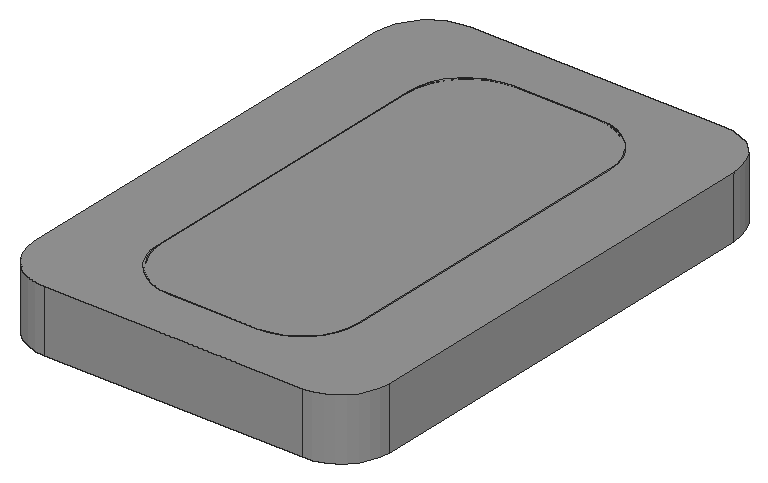
Revit family "AccessControlsCardReader", category Security Devices, host Face, Revit 2019
Family settings
  Host = Face
  Maintain Annotation Orientation = Yes
  Round Connector Dimension = Use Diameter
  Part Type = Normal
  Cut with Voids When Loaded = No
  Shared = No
  Room Calculation Point = Yes
Parameters (values of type "Single Gang")
  Width = 45.01 mm  # constant formula
  URL = "https://www.verkada.com/door-reader/ad32/"
  Type Image = AD32 Single Gang.png
  Single Gang = yes
  Model = "AD32"
  Manufacturer = "VERKADA"  # constant formula
  Length = 95.93 mm  # constant formula
  Height = 13.87 mm  # constant formula
  Description = "MULTI-FORMAT CARD READER - WALL MOUNTED"
  Default Elevation = 1066.80 mm
  Corner Radius = 12.70 mm  # constant formula
Types (2, lengths in mm): name | Type Image | Single Gang | Description
  Single Gang | AD32 Single Gang.png | yes | "MULTI-FORMAT CARD READER - WALL MOUNTED"
  Mullion | AD32 Mullion.png | no | "MULTI-FORMAT CARD READER - MULLION MOUNTED"
Reference planes
  plane 1 "Center (Front/Back)": y = 0
  plane 2: z = 0
  plane 3 "Center (Left/Right)": x = 0
  plane 4: x = 22.505
  plane 5: y = 47.965
  plane 6: y = -47.965
  plane 7: x = -22.505
  plane 8: z = 13.87
Forms (mm)
  Extrusion 1, solid, material "Verkada Black"
    sketch origin (0, 0, 0) x (1, 0, 0) y (0, 1, 0)
      loop
        arc (-9.805, 47.965) -> (-18.785, 44.245) -> (-22.505, 35.265) r 12.7
        line (-22.505, 35.265) -> (-22.505, -35.265)
        arc (-22.505, -35.265) -> (-18.785, -44.245) -> (-9.805, -47.965) r 12.7
        line (-9.805, -47.965) -> (9.805, -47.965)
        arc (9.805, -47.965) -> (18.785, -44.245) -> (22.505, -35.265) r 12.7
        line (22.505, -35.265) -> (22.505, 35.265)
        arc (22.505, 35.265) -> (18.785, 44.245) -> (9.805, 47.965) r 12.7
        line (9.805, 47.965) -> (-9.805, 47.965)
    from 0 to 13.87 <- "Height"
  Extrusion 2, void
    sketch origin (0, 0, 0) x (1, 0, 0) y (0, 1, 0)
      loop
        circle (0, 0) r 0.794
      loop
        circle (3.176, 0) r 0.794
      loop
        circle (-3.176, 0) r 0.794
      loop
        circle (0, 3.176) r 0.794
      loop
        circle (3.176, 3.176) r 0.794
      loop
        circle (-3.176, 3.176) r 0.794
      loop
        circle (0, -3.176) r 0.794
      loop
        circle (3.176, -3.176) r 0.794
      loop
        circle (-3.176, -3.176) r 0.794
    from 14.877 to 19.95
  Extrusion 3, solid, material "Verkada Black", visible <- "Single Gang"
    sketch origin (0, 0, 0) x (1, 0, 0) y (0, 1, 0)
      loop
        arc (-28.57, 59.68) -> (-36.854, 56.249) -> (-40.285, 47.965) r 11.715
        line (-40.285, 47.965) -> (-40.285, -47.917)
        arc (-40.285, -47.917) -> (-36.84, -56.235) -> (-28.522, -59.68) r 11.763
        line (-28.522, -59.68) -> (29.507, -59.68)
        arc (29.507, -59.68) -> (37.128, -56.523) -> (40.285, -48.902) r 10.778
        line (40.285, -48.902) -> (40.285, 47.965)
        arc (40.285, 47.965) -> (36.854, 56.249) -> (28.57, 59.68) r 11.715
        line (28.57, 59.68) -> (-28.57, 59.68)
      loop
        arc (-8.88, 47.965) -> (-18.514, 43.974) -> (-22.505, 34.34) r 13.625
        line (-22.505, 34.34) -> (-22.505, -34.34)
        arc (-22.505, -34.34) -> (-18.514, -43.974) -> (-8.88, -47.965) r 13.625
        line (-8.88, -47.965) -> (8.88, -47.965)
        arc (8.88, -47.965) -> (18.514, -43.974) -> (22.505, -34.34) r 13.625
        line (22.505, -34.34) -> (22.505, 34.34)
        arc (22.505, 34.34) -> (18.514, 43.974) -> (8.88, 47.965) r 13.625
        line (8.88, 47.965) -> (-8.88, 47.965)
    from 0 to 13.87 <- "Height"
Dimensions and locks
  equal spacing: plane 7, plane 3 "Center (Left/Right)", plane 4
  "Width": plane 7 to plane 4
  "Height": plane 8 to level
  equal spacing: plane 6, plane 1 "Center (Front/Back)", plane 5
  "Length": plane 6 to plane 5
  equal spacing: Extrusion 3 sketch curve, plane 3 "Center (Left/Right)", Extrusion 3 sketch curve
  Extrusion 3 sketch curve to Extrusion 3 sketch curve = 80.57 mm
  equal spacing: Extrusion 3 sketch curve, plane 1 "Center (Front/Back)", Extrusion 3 sketch curve
  Extrusion 3 sketch curve to Extrusion 3 sketch curve = 119.36 mm
  Extrusion 3 sketch curve to plane 7 = 17.78 mm
  plane 5 to Extrusion 3 sketch curve = 11.715 mm
  "Corner Radius": radius of Extrusion 1 sketch curve  (x4)
  aligned and locked: plane 2 to host face
  aligned and locked: level to host face
  aligned and locked: plane 5 to Extrusion 1 sketch curve
  aligned and locked: plane 7 to Extrusion 1 sketch curve
  aligned and locked: Extrusion 1 sketch curve to plane 6
  aligned and locked: Extrusion 1 sketch curve to plane 4
Automatic sketch dimensions
  host sketch curve to host sketch curve = 2438.40 mm  (x2)
  plane 1 "Center (Front/Back)" to Extrusion 2 sketch curve = 0.00 mm  (x3)
  Extrusion 2 sketch curve to plane 3 "Center (Left/Right)" = 0.00 mm  (x3)
  Extrusion 2 sketch curve to Extrusion 2 sketch curve = 3.176 mm  (x3)
  Extrusion 2 sketch curve to Extrusion 2 sketch curve = 0.00 mm  (x3)
  plane 3 "Center (Left/Right)" to Extrusion 2 sketch curve = 3.176 mm  (x3)
  plane 1 "Center (Front/Back)" to Extrusion 2 sketch curve = 3.176 mm  (x3)
  plane 5 to Extrusion 3 sketch curve = 0.00 mm  (x2)
  Extrusion 3 sketch curve to plane 7 = 6.017 mm
  plane 6 to Extrusion 3 sketch curve = 0.937 mm
  Extrusion 3 sketch curve to plane 5 = 0.00 mm
  Extrusion 3 sketch curve to plane 7 = 0.00 mm
  plane 6 to Extrusion 3 sketch curve = 0.00 mm
  Extrusion 3 sketch curve to plane 4 = 0.00 mm
  Extrusion 3 sketch curve to plane 3 "Center (Left/Right)" = 8.88 mm  (x2)
  plane 3 "Center (Left/Right)" to Extrusion 3 sketch curve = 8.88 mm  (x2)
  radius of Extrusion 2 sketch curve = 0.794 mm  (x9)
Nested families
  nested 1: "PlanSymbol_Reader" at (0, 0, 0), type "Standard"
Connectors
  electrical at (0, 0, 0)
    settings: index 2, voltage 0 V, apparent load 0 VA, apparent load phase1 0 VA, apparent load phase2 0 VA, apparent load phase3 0 VA, power factor 1, load classification "Other", number of poles 1, system type 10, power factor state 1, is connector primary yes, connector utility no, sub classification motor no, connector description ""
Definition of nested family "PlanSymbol_Reader"
  Reference planes
    plane 1: y = 0
    plane 2: x = 0
  Lines and regions (mm)
    Masking region 1
      outline origin (0, 0, 0) x (1, 0, 0) y (0, 1, 0)
        loop
          line (-2.625, 6.625) -> (-2.625, 3.312) -> (-1.829, 3.312) -> (1.829, 3.312) -> (2.625, 3.312) -> (2.625, 6.625) -> (-2.625, 6.625)
    Masking region 2
      outline origin (0, 6.625, 0) x (0, -1, 0) y (1, 0, 0)
        loop
          line (6.625, -2.625) -> (6.625, 2.625) -> (3.312, 2.625) -> (3.312, 1.829) -> (3.312, -1.829) -> (3.312, -2.625) -> (6.625, -2.625)
